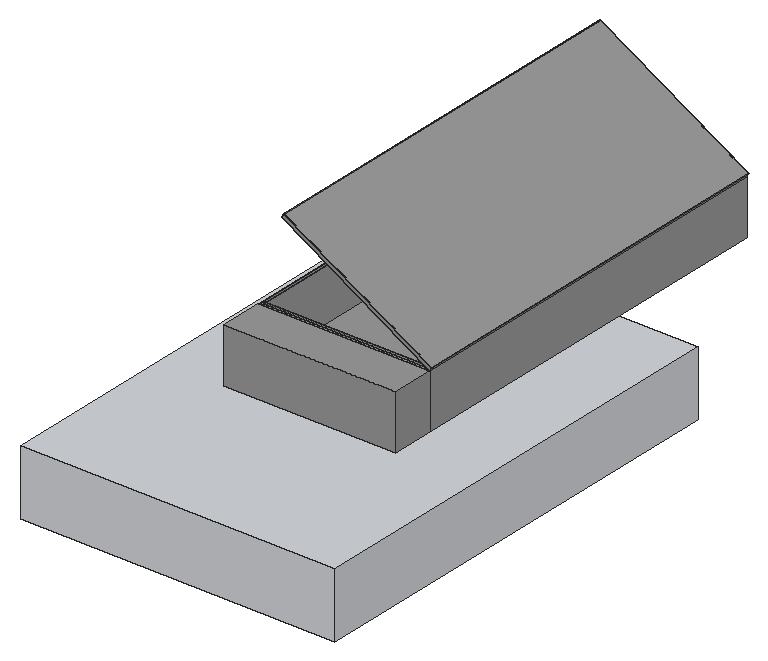
Revit family "Hager-Univers-IP55-D275-H2050-Cl.II-Steel_encl-NL-en", category Equipement électrique, Revit 2020
Family settings
  Hôte = Face
  Configuration du panneau = Deux colonnes, circuits au sein
  Cote de connecteur circulaire = Utiliser le diamètre
  Type d'élément = Tableau de raccordement
  Couper avec des vides une fois chargée = Non
  Partagée = Non
  Point de calcul de pièce = Non
Parameters (values of type "Floor installation IP55 W800 H2050 D275  - FR23S2")
  Width Control [instance] = if([EF000008 - Width] > Min Width, [EF000008 - Width], Min Width)  # 800 mm
  Commentaires du type = [HG000003 - Range]  # "Univers"
  Thickness Door [instance] = if([EF009171 - Material plate thickness door/cover] > 3 mm, 3 mm, [EF009171 - Material plate thickness door/cover])  # 1.5 mm
  Seal Frame Offset [instance] = 17 mm  # constant formula
  Plinth Visibility [instance] = [HG000027 - Plinth height] > 0 mm  # yes
  Model = ""
  Min Width [instance] = 100 mm  # constant formula
  Min Height [instance] = 100 mm  # constant formula
  Min Depth [instance] = (2 * [EF009170 - Material plate thickness cabinet]) + 1 mm  # 4 mm
  Internal Frame Depth [instance] = (Door System Depth * 0.5)  # 9 mm
  Height Control [instance] = if([EF000040 - Height] > Min Height, [EF000040 - Height], Min Height)  # 2050 mm
  HG000027 - Plinth height = 200 mm
  HG000026 - Floor standing = yes
  HG000024 - Bottom section height = 800 mm
  HG000023 - Double section enclosure = no
  HG000016 - Door 3d visibility [instance] = yes
  HG000015 - Clearance visibility [instance] = no
  HG000014 - Door on the right [instance] = yes
  HG000013 - Door on the left [instance] = not([HG000014 - Door on the right])  # no
  HG000012 - Door swing angle [instance] = 30.00°
  HG000010 - Asymmetric doors = no
  HG000009 - Double swing door = no
  HG000006 - Flush mounted = no
  HG000004 - Manufacturer reference = "FR23S2"
  HG000003 - Range = "Univers"
  HG000002 - With door or cover = yes
  Frame Offset Bottom [instance] = 10 mm  # constant formula
  Frame Offset [instance] = 15 mm  # constant formula
  EF015940 - Cover with overpressure release = no
  EF011959 - Degree of protection (NEMA) = ""
  EF009554 - Number of openings for flange plates = 6
  EF009212 - Cover model = "EV000116 - Closed"
  EF009171 - Material plate thickness door/cover = 1.5 mm
  EF009170 - Material plate thickness cabinet = 1.5 mm
  Fabricant = "Hager"  # constant formula
  EF008873 - Nominal current (In) = 800 A
  EF007800 - Suitable for lightning protection = no
  EF006306 - With lock = no
  EF006244 - Transparent cover/door = no
  EF005474 - Degree of protection (IP) = "EV006420 - IP55"
  EF004464 - Type of door = "EV002646 - Single"
  EF004427 - Number of modules = 432
  EF004293 - Impact strength = "EV008784 - IK10"
  EF003532 - Suitable for outdoor use = no
  EF002950 - Width in number of modular spacings = 24
  EF001613 - Circuit integrity = "EV000494 - None"
  EF001596 - Material housing = "EV000179 - Steel"
  EF001131 - Internal depth = 275 mm
  EF001088 - Extension possible = yes
  EF000437 - Number of conduit inlets = 6
  EF000339 - Type of cover = "EV004216 - Door"
  EF000266 - Number of rows = 12
  EF000218 - Built-in depth = 0 mm
  EF000118 - With mounting plate = no
  EF000116 - RAL-number = "7035"
  EF000049 - Depth = 275 mm
  EF000040 - Height = 2050 mm
  EF000008 - Width = 800 mm
  EF000007 - Colour = "EV000270 - Grey"
  EF000003 - Mounting method = "EV012274 - Floor installation"
  Door System Leaf Tolerance [instance] = 1.5 mm  # constant formula
  Door System Depth [instance] = 18 mm  # constant formula
  Door Height [instance] = Height Control - [HG000027 - Plinth height]  # 1850 mm
  Depth Control [instance] = if([EF000049 - Depth] > Min Depth, [EF000049 - Depth], Min Depth)  # 275 mm
  Default Elevation = 0 mm
  Connector Offset [instance] = Height Control / 2  # 1025 mm
  Bottom Top Plate Trim [instance] = 1.5 mm  # constant formula
  Plinth height Ctrl [instance] = if([HG000027 - Plinth height] > 0 mm, [HG000027 - Plinth height], 12 mm)  # 200 mm
Types (11, lengths in mm): name | Width Control | HG000010 - Asymmetric doors | HG000009 - Double swing door | HG000004 - Manufacturer reference | EF009554 - Number of openings for flange plates | EF006244 - Transparent cover/door | EF004464 - Type of door | EF004427 - Number of modules | EF000437 - Number of conduit inlets | EF000008 - Width
  Floor installation IP55 W1050 H2050 D275  - FR24L2 | 1050 | yes | yes | "FR24L2" | 8 | yes | "EV003602 - Double" | 576 | 8 | 1050
  Floor installation IP55 W1050 H2050 D275  - FR24S2 | 1050 | yes | yes | "FR24S2" | 8 | no | "EV003602 - Double" | 576 | 8 | 1050
  Floor installation IP55 W1300 H2050 D275  - FR25L2 | 1300 | yes | yes | "FR25L2" | 10 | yes | "EV003602 - Double" | 720 | 10 | 1300
  Floor installation IP55 W1300 H2050 D275  - FR25S2 | 1300 | yes | yes | "FR25S2" | 10 | no | "EV003602 - Double" | 720 | 10 | 1300
  Floor installation IP55 W1550 H2050 D275  - FR26L2 | 1550 | yes | yes | "FR26L2" | 12 | yes | "EV003602 - Double" | 864 | 12 | 1550
  Floor installation IP55 W1550 H2050 D275  - FR26S2 | 1550 | yes | yes | "FR26S2" | 12 | no | "EV003602 - Double" | 864 | 12 | 1550
  Floor installation IP55 W300 H2050 D275  - FR21S2 | 300 | no | no | "FR21S2" | 2 | no | "EV002646 - Single" | 144 | 2 | 300
  Floor installation IP55 W550 H2050 D275  - FR22L2 | 550 | no | no | "FR22L2" | 4 | yes | "EV002646 - Single" | 288 | 4 | 550
  Floor installation IP55 W550 H2050 D275  - FR22S2 | 550 | no | no | "FR22S2" | 4 | no | "EV002646 - Single" | 288 | 4 | 550
  Floor installation IP55 W800 H2050 D275  - FR23L2 | 800 | no | no | "FR23L2" | 6 | yes | "EV002646 - Single" | 432 | 6 | 800
  Floor installation IP55 W800 H2050 D275  - FR23S2 | 800 | no | no | "FR23S2" | 6 | no | "EV002646 - Single" | 432 | 6 | 800
Reference planes
  plane 1 "Center (Front/Back)": y = 0
  plane 2: z = 0
  plane 3 "Center (Left/Right)": x = 0
  plane 4: z = 275
  plane 5: y = 201.5
  plane 6: y = 1125
  plane 7: y = 200
  plane 8: y = 2050
  plane 9: z = 0
  plane 10: x = -385
  plane 11: x = 385
  plane 12: x = 383.5
  plane 13: x = -383.5
  plane 14: y = 2048.5
  plane 15: x = -383
  plane 16: x = -400
  plane 17: x = 383
  plane 18: x = 400
  plane 19: x = 398.5
  plane 20: x = -398.5
  plane 21: y = 211.5
  plane 22: y = 2050
  plane 23: y = 2033.5
  plane 24: z = 257
  plane 25: z = 1.5
  plane 26: z = 255.5
  plane 27: z = 273.5
Forms (mm)
  Extrusion 1, solid
    sketch origin (0, 0, 0) x (1, 0, 0) y (0, 1, 0)
      loop
        line (-702.964, 1305) -> (-702.964, -811.445) -> (766.763, -811.445) -> (766.763, 1305) -> (-702.964, 1305)
    from 0 to -304.8
  Extrusion 2, solid, material "Hager_Steel_RAL7035_Light_Grey", visible <- "Plinth Visibility", detail levels medium+fine
    sketch origin (0, 0, 0) x (1, 0, 0) y (0, 1, 0)
      loop
        line (-400, 0) -> (400, 0) -> (400, 200) -> (-400, 200) -> (-400, 0)
    from 0 to 257
  Extrusion 3, solid, material "Hager_Steel_RAL7035_Light_Grey", detail levels medium+fine
    sketch origin (0, 0, 0) x (1, 0, 0) y (0, 1, 0)
      loop
        line (-400, 200) -> (400, 200) -> (400, 2050) -> (-400, 2050) -> (-400, 200)
    from 0 to 257
  Extrusion 4, void
    sketch origin (0, 0, 0) x (1, 0, 0) y (0, 1, 0)
      loop
        line (-398.5, 201.5) -> (398.5, 201.5) -> (398.5, 2048.5) -> (-398.5, 2048.5) -> (-398.5, 201.5)
    from 1.5 to 255.5
  Extrusion 5, void
    sketch origin (-381.607, -4572, 257) x (0, -1, 0) y (-1, 0, 0)
      loop
        line (-4783.5, 1.893) -> (-6605.5, 1.893) -> (-6605.5, -765.107) -> (-4783.5, -765.107) -> (-4783.5, 1.893)
    from 0 to 1.5 <- "EF009170 - Material plate thickness cabinet"
  Extrusion 6, solid, material "Hager_Steel_RAL7035_Light_Grey", detail levels fine
    sketch origin (0, 0, 257) x (1, 0, 0) y (0, 1, 0)
      loop
        line (-383.5, 2033.5) -> (-383.5, 211.5) -> (383.5, 211.5) -> (383.5, 2033.5) -> (-383.5, 2033.5)
      loop
        line (-385, 210) -> (385, 210) -> (385, 2035) -> (-385, 2035) -> (-385, 210)
    from 0 to 9 <- "Internal Frame Depth"
  Extrusion 7, solid, material "Hager_Steel_RAL7035_Light_Grey", detail levels coarse
    sketch origin (0, 0, 0) x (1, 0, 0) y (0, 1, 0)
      loop
        line (-400, 0) -> (400, 0) -> (400, 2050) -> (-400, 2050) -> (-400, 0)
    from 0 to 275
  Sweep 8, void
    path in 3D
      loop
        line (-400, 200, 0) -> (400, 200, 0) -> (400, 200, 257) -> (-400, 200, 257) -> (-400, 200, 0)
    profile origin (-400, 200, 128.5) x (-1, 0, 0) y (0, -1, 0)
      loop
        line (0, 0) -> (0, 1.5) -> (-1.5, 1.5)
        arc (-1.5, 1.5) -> (-1.061, 0.439) -> (0, 0) r 1.5
Cuts and joins
  Extrusion 4, Extrusion 5 cuts Extrusion 3
  Sweep 8 cuts Extrusion 2
Lines and regions (mm)
  Masking region 1
    outline origin (0, 0, 0) x (1, 0, 0) y (0, 0, 1)
      loop
        line (-400, 275) -> (-400, 0) -> (400, 0) -> (400, 275) -> (-400, 275)
  Masking region 2, detail levels medium+fine
    outline origin (0, 140, 0) x (0, 1, 0) y (0, 0, 1)
      loop
        line (60, 0) -> (1910, 0) -> (1910, 257) -> (60, 257) -> (60, 0)
  Masking region 3, not visible, detail levels medium+fine
    outline origin (0, 297.922, 0) x (0, 1, 0) y (0, 0, 1)
      loop
        line (838.578, 0) -> (878.578, 0) -> (878.578, 263.5)
        arc (878.578, 263.5) -> (875.649, 270.571) -> (868.578, 273.5) r 10
        line (868.578, 273.5) -> (838.578, 273.5) -> (838.578, 0)
  Masking region 4, detail levels coarse
    outline origin (0, 0, 180) x (0, 1, 0) y (0, 0, 1)
      loop
        line (0, -180) -> (2050, -180) -> (2050, 95) -> (0, 95) -> (0, -180)
  Masking region 5, visible <- "Plinth Visibility", detail levels medium+fine
    outline origin (0, 52.24, 12.345) x (0, 0, -1) y (0, 1, 0)
      loop
        line (10.845, 147.76) -> (-243.155, 147.76)
        arc (-243.155, 147.76) -> (-243.594, 146.699) -> (-244.655, 146.26) r 1.5
        line (-244.655, 146.26) -> (-244.655, -52.24) -> (12.345, -52.24) -> (12.345, 146.26)
        arc (12.345, 146.26) -> (11.285, 146.699) -> (10.845, 147.76) r 1.5
  Masking region 6, detail levels medium+fine
    outline origin (-381.607, -4572, 257) x (-1, 0, 0) y (0, -1, 0)
      loop
        line (18.393, -6622) -> (18.393, -4772) -> (-781.607, -4772) -> (-781.607, -6622) -> (18.393, -6622)
  Masking region 7, visible <- "Plinth Visibility", detail levels medium+fine
    outline origin (-381.607, -4727, 257) x (-1, 0, 0) y (0, -1, 0)
      loop
        arc (16.893, -4927) -> (17.332, -4925.939) -> (18.393, -4925.5) r 1.5
        line (18.393, -4925.5) -> (18.393, -4727) -> (-781.607, -4727) -> (-781.607, -4925.5)
        arc (-781.607, -4925.5) -> (-780.546, -4925.939) -> (-780.107, -4927) r 1.5
        line (-780.107, -4927) -> (16.893, -4927)
  Masking region 8, detail levels coarse
    outline origin (-442.548, -4669.526, 257) x (-1, 0, 0) y (0, -1, 0)
      loop
        line (-42.548, -6719.526) -> (-42.548, -4669.526) -> (-842.548, -4669.526) -> (-842.548, -6719.526) -> (-42.548, -6719.526)
  sketch lines
    curve 1: line (-400, 200, 257) -> (-400, 200, 0)
    curve 2: line (400, 200, 257) -> (-400, 200, 257)
    curve 3: line (400, 200, 257) -> (400, 200, 0)
    curve 4: line (-400, 200, 0) -> (400, 200, 0)
Dimensions and locks
  "Depth Control": plane 4 to Extrusion 1
  "HG000027 - Plinth height": plane 1 "Center (Front/Back)" to plane 7
  "EF009170 - Material plate thickness cabinet": plane 5 to plane 7
  locked: connector elem to plane 3 "Center (Left/Right)"
  equal spacing: plane 8, plane 6, plane 7
  locked: connector elem to plane 6
  "EF009170 - Material plate thickness cabinet": plane 8 to plane 14
  "EF009170 - Material plate thickness cabinet": plane 10 to plane 13
  "EF009170 - Material plate thickness cabinet": plane 12 to plane 11
  "Frame Offset": plane 20 to plane 13
  "Frame Offset": plane 12 to plane 19
  "EF009170 - Material plate thickness cabinet": plane 16 to plane 20
  "EF009170 - Material plate thickness cabinet": plane 19 to plane 18
  "Seal Frame Offset": plane 16 to plane 15
  "Seal Frame Offset": plane 17 to plane 18
  "Frame Offset Bottom": plane 21 to plane 5
  "Frame Offset": plane 14 to plane 23
  equal spacing: plane 16, plane 3 "Center (Left/Right)", plane 18
  "Width Control": plane 16 to plane 18
  "EF009170 - Material plate thickness cabinet": plane 4 to plane 27
  "EF009170 - Material plate thickness cabinet": plane 24 to plane 26
  "EF009170 - Material plate thickness cabinet": plane 25 to level
  "Door System Depth": plane 4 to plane 24
  "Height Control": plane 1 "Center (Front/Back)" to Extrusion 7 sketch curve
  "Height Control": Masking region 4 sketch curve to plane 1 "Center (Front/Back)"
  "Height Control": plane 1 "Center (Front/Back)" to plane 22
  "Bottom Top Plate Trim": profile plane to Sweep 8 sketch curve
  "Bottom Top Plate Trim": Sweep 8 sketch curve to profile plane
  "Plinth height Ctrl": plane 1 "Center (Front/Back)" to Extrusion 2 sketch curve
  "Plinth height Ctrl": Masking region 5 sketch curve to plane 1 "Center (Front/Back)"
  "Plinth height Ctrl": plane 1 "Center (Front/Back)" to Masking region 7 sketch curve
  "Thickness Door": Extrusion 6 sketch curve to Extrusion 6 sketch curve  (x3)
  "Thickness Door": cut or joined group of Extrusion 3, Extrusion 4, Extrusion 5 to Extrusion 6 sketch curve
  radius of Masking region 3 sketch curve = 10 mm
  "Bottom Top Plate Trim": radius of Masking region 5 sketch curve  (x2)
  "Bottom Top Plate Trim": radius of Sweep 8 sketch curve
  "Bottom Top Plate Trim": radius of Masking region 7 sketch curve  (x2)
  aligned and locked: plane 2 to Extrusion 1
  aligned and locked: level to Extrusion 1
  aligned and locked: level to Masking region 1 sketch curve
  aligned and locked: Masking region 1 sketch curve to plane 18
  aligned and locked: Masking region 1 sketch curve to plane 16
  aligned and locked: plane 7 to Masking region 2 sketch curve
  aligned and locked: level to Masking region 3 sketch curve
  aligned and locked: Masking region 3 sketch curve to plane 27
  aligned and locked: level to Masking region 2 sketch curve
  aligned and locked: plane 1 "Center (Front/Back)" to Extrusion 2 sketch curve
  aligned and locked: Extrusion 3 sketch curve to plane 7
  aligned and locked: plane 16 to Extrusion 3 sketch curve
  aligned and locked: plane 18 to Extrusion 3 sketch curve
  aligned and locked: plane 20 to Extrusion 4 sketch curve
  aligned and locked: plane 19 to Extrusion 4 sketch curve
  aligned and locked: Extrusion 4 sketch curve to plane 5
  aligned and locked: Extrusion 4 to plane 25
  aligned and locked: plane 26 to Extrusion 4
  aligned and locked: plane 24 to Extrusion 3
  aligned and locked: Extrusion 5 sketch curve to plane 21
  aligned and locked: Extrusion 5 sketch curve to plane 13
  aligned and locked: Extrusion 5 sketch curve to plane 12
  aligned and locked: plane 18 to Extrusion 7 sketch curve
  aligned and locked: plane 1 "Center (Front/Back)" to Extrusion 7 sketch curve
  aligned and locked: plane 16 to Extrusion 7 sketch curve
  aligned and locked: plane 4 to Extrusion 7
  aligned and locked: Extrusion 7 to level
  aligned and locked: level to Masking region 4 sketch curve
  aligned and locked: Masking region 4 sketch curve to plane 1 "Center (Front/Back)"
  aligned and locked: Masking region 4 sketch curve to plane 4
  aligned and locked: nested 1 to level
  aligned and locked: nested 1 to plane 16
  aligned and locked: plane 8 to Extrusion 3 sketch curve
  aligned and locked: plane 23 to Extrusion 5 sketch curve
  aligned and locked: plane 14 to Extrusion 4 sketch curve
  aligned and locked: Masking region 2 sketch curve to plane 8
  aligned and locked: level to Masking region 5 sketch curve
  aligned and locked: plane 16 to Extrusion 2 sketch curve
  aligned and locked: plane 18 to Extrusion 2 sketch curve
  aligned and locked: Masking region 5 sketch curve to plane 24
  aligned and locked: Masking region 2 sketch curve to plane 24
  aligned and locked: plane 24 to Extrusion 2
  aligned and locked: profile plane to Sweep 8 sketch curve  (x2)
  aligned and locked: Masking region 6 sketch curve to plane 18
  aligned and locked: Masking region 6 sketch curve to plane 22
  aligned and locked: Masking region 6 sketch curve to plane 16
  aligned and locked: plane 8 to plane 22
  aligned and locked: Masking region 6 sketch curve to plane 7
  aligned and locked: Masking region 7 sketch curve to plane 16
  aligned and locked: Masking region 7 sketch curve to plane 1 "Center (Front/Back)"
  aligned and locked: Masking region 7 sketch curve to plane 18
  aligned and locked: Masking region 8 sketch curve to plane 1 "Center (Front/Back)"
  aligned and locked: Masking region 8 sketch curve to plane 18
  aligned and locked: Masking region 8 sketch curve to plane 22
  aligned and locked: Masking region 8 sketch curve to plane 16
  aligned and locked: nested 2 to plane 7
  aligned and locked: plane 3 "Center (Left/Right)" to nested 2
  aligned and locked: nested 2 to plane 24
  aligned and locked: Extrusion 6 sketch curve to cut or joined group of Extrusion 3, Extrusion 4, Extrusion 5  (x4)
Automatic sketch dimensions
  Extrusion 1 sketch curve to Extrusion 1 sketch curve = 1469.727 mm
  Extrusion 1 sketch curve to Extrusion 1 sketch curve = 2116.445 mm
  Masking region 1 sketch curve to plane 4 = 0 mm
  plane 6 to Masking region 3 sketch curve = 11.5 mm
  Masking region 3 sketch curve to Masking region 3 sketch curve = 30 mm
  Masking region 5 sketch curve to plane 1 "Center (Front/Back)" = 0 mm
Nested families
  nested 1: "Hager_Enclosure_Symbol" at (-400, 0, 0) x (1, 0, 0) z (0, -1, 0), Height <- "Depth Control", Width <- "Width Control", type "Hager_Enclosure_Symbol"
    with Width_Ctrl 800 mm, Width 800 mm, Height_Ctrl 275 mm, Height 275 mm, A_Width_Int 18.047 mm, A_Width 216.562 mm, A_Height_Ctrl 240.625 mm, A_Height 240.625 mm
  nested 2: "EC000058_Univers_Door" at (0, 200, 257) x (1, 0, 0) z (0, 1, 0), Leaf_Tolerance <- "Door System Leaf Tolerance", Angle <- "HG000012 - Door swing angle", Door_Depth <- "Door System Depth", Door_Left <- "HG000013 - Door on the left", Transparent <- "EF006244 - Transparent cover/door", Assymetrical <- "HG000010 - Asymmetric doors", Width <- "Width Control", Clearance <- "HG000015 - Clearance visibility", Double <- "HG000009 - Double swing door", 3d_Door <- "HG000016 - Door 3d visibility", Lock_Visibility <- "EF006306 - With lock", Width_Ctrl <- "Width Control", Door_Right <- "HG000014 - Door on the right", Door <- "HG000002 - With door or cover", Height <- "Door Height", Thickness <- "Thickness Door", type "EC000058_Univers_Door", detail levels medium+fine
    with min_wh 4 mm, Width_Ctrl 800 mm, Width 800 mm, Transparent no, Thickness 1.5 mm, Seal_Material Hager_Rubber, Lock_Visibility no, Lock_Material Hager_Plastic_RAL9005_Jet_Black, Leaf_Width 800 mm, Leaf_Tolerance_External_Sides 0 mm, Leaf_Tolerance 1.5 mm, Leaf_Offset 0 mm, Leaf_Height 1847 mm, Leaf_2_Width 800 mm, Leaf_2_Offset 400 mm, Leaf_1_Width 800 mm, Leaf_1_Offset 400 mm, Height_Ctrl 1850 mm, Height 1850 mm, Glass_Material Hager_Glass, Double_Clearance_Ctrl no, Double no, Door_Right_Ctrl yes, Door_Right yes, Door_Material Hager_Steel_RAL7035_Light_Grey, Door_Left_Ctrl no, Door_Left no, Door_Depth 18 mm, Door yes, Clearance_Material Hager_Clearance, Clearance_Depth 800 mm, Clearance_Ctrl no, Clearance no, Assymetrical no, Angle 30.00°, 3d_Door yes
Connectors
  electrical at (0, 1125, 0)
    settings: on plane 9, index 1, voltage 0 V, apparent load 0 VA, apparent load phase1 0 VA, apparent load phase2 0 VA, apparent load phase3 0 VA, power factor 1, load classification "Other", number of poles 1, system type 30, power factor state 1, is connector primary yes, connector utility no, sub classification motor no, connector description ""
Definition of nested family "EC000058_Univers_Door"
  Parameters (values of type "EC000058_Univers_Door")
    min_wh [instance] = (2 * Thickness) + 1 mm  # 11 mm
    Width_Ctrl [instance] = 400 mm
    Width [instance] = 500 mm
    Transparent [instance] = yes
    Thickness [instance] = 5 mm
    Seal_Material [instance] = none
    Lock_Visibility [instance] = yes
    Lock_Material [instance] = none
    Leaf_Width [instance] = if((Width_Ctrl - 2 * Leaf_Tolerance_External_Sides) > 0 mm, (Width_Ctrl - 2 * Leaf_Tolerance_External_Sides), min_wh)  # 400 mm
    Leaf_Tolerance_External_Sides [instance] = 0 mm  # constant formula
    Leaf_Tolerance [instance] = 1.5 mm
    Leaf_Offset [instance] = 0 mm  # constant formula
    Leaf_Height [instance] = if((Height_Ctrl - 2 * Leaf_Tolerance) > 0 mm, (Height_Ctrl - 2 * Leaf_Tolerance), min_wh)  # 497 mm
    Leaf_2_Width [instance] = if(and(and(Double, Assymetrical), Door_Left), (Leaf_Width / 3) - (Leaf_Tolerance / 2), if(and(and(Double, Assymetrical), Door_Right), (Leaf_Width / 3) * 2 - (Leaf_Tolerance / 2), if(and(Double, not(Assymetrical)), (Leaf_Width / 2) - Leaf_Tolerance, Leaf_Width)))  # 400 mm
    Leaf_2_Offset [instance] = if(and(Double, Assymetrical), Leaf_2_Width / 2, if(and(Double, not(Assymetrical)), Leaf_Width / 4, Leaf_Width / 2))  # 200 mm
    Leaf_1_Width [instance] = if(and(and(Double, Assymetrical), Door_Right), (Leaf_Width / 3) - (Leaf_Tolerance / 2), if(and(and(Double, Assymetrical), Door_Left), (Width / 3) * 2 - (Leaf_Tolerance / 2), if(and(Double, not(Assymetrical)), (Leaf_Width / 2) - Leaf_Tolerance, Leaf_Width)))  # 400 mm
    Leaf_1_Offset [instance] = if(and(Double, Assymetrical), Leaf_1_Width / 2, if(and(Double, not(Assymetrical)), Leaf_Width / 4, Leaf_Width / 2))  # 200 mm
    Height_Ctrl [instance] = if(Height > min_wh, Height, min_wh)  # 500 mm
    Height [instance] = 500 mm
    Glass_Material [instance] = none
    Double_Clearance_Ctrl [instance] = and(Double, Clearance)  # no
    Double [instance] = no
    Door_Right_Ctrl [instance] = and(or(Door_Right, Double), Door)  # yes
    Door_Right [instance] = yes
    Door_Material [instance] = none
    Door_Left_Ctrl [instance] = and(or(Door_Left, Double), Door)  # no
    Door_Left [instance] = no
    Door_Depth [instance] = 30 mm
    Door [instance] = yes
    Default Elevation = 1219.2 mm
    Clearance_Material [instance] = none
    Clearance_Depth [instance] = if(Leaf_1_Width > Leaf_2_Width, Leaf_1_Width, Leaf_2_Width)  # 400 mm
    Clearance_Ctrl [instance] = and(not(Double), Clearance)  # yes
    Clearance [instance] = yes
    Assymetrical [instance] = yes
    Angle [instance] = 30.00°
    3d_Door [instance] = yes
  Reference planes
    plane 1 "Center (Front/Back)": y = 0
    plane 2 "Bottom": z = 0
    plane 3 "Center (Left/Right)": x = 0
    plane 4: z = 500
    plane 5: x = -200
    plane 6: x = 200
    plane 7: z = 500
    plane 8: x = -200
    plane 9: z = 0
    plane 10: x = 200
    plane 11: y = 0
    plane 12: z = 1.5
    plane 13: x = -600
    plane 14: y = -400
    plane 15: x = 600
    plane 16: x = 0
    plane 17: x = 0
    plane 18: x = -200
    plane 19: x = 200
    plane 20: z = 498.5
  Forms (mm)
    Extrusion 1, solid, material <- "Clearance_Material", visible <- "Double_Clearance_Ctrl"
      sketch origin (1200, 0, 0) x (1, 0, 0) y (0, 0, -1)
        loop
          line (-1800, -498.5) -> (-600, -498.5) -> (-600, 0) -> (-1800, 0) -> (-1800, -498.5)
      from 0 to -400
  Dimensions and locks
    equal spacing: plane 5, plane 3 "Center (Left/Right)", plane 6
    "Width_Ctrl": plane 5 to plane 6
    "Leaf_Offset": plane 5 to plane 8
    "Leaf_Offset": plane 6 to plane 10
    "Leaf_Offset": plane 9 to level
    "Leaf_Offset": plane 4 to plane 7
    "Height_Ctrl": plane 4 to level
    "Leaf_Tolerance": plane 12 to plane 9
    locked: plane 11 to plane 1 "Center (Front/Back)"
    "Leaf_1_Offset": plane 18 to plane 16
    "Leaf_2_Offset": plane 17 to plane 19
    "Leaf_1_Width": plane 13 to plane 8
    "Leaf_2_Width": plane 10 to plane 15
    "Clearance_Depth": plane 14 to plane 1 "Center (Front/Back)"
    "Leaf_Tolerance_External_Sides": plane 8 to plane 18
    "Leaf_Tolerance_External_Sides": plane 19 to plane 10
    "Leaf_Tolerance": plane 7 to plane 20
    aligned and locked: level to plane 2 "Bottom"
    aligned and locked: nested 1 to plane 16
    aligned and locked: nested 2 to plane 17
    aligned and locked: Extrusion 1 to plane 13
    aligned and locked: plane 15 to Extrusion 1
    aligned and locked: Extrusion 1 to plane 14
    aligned and locked: plane 12 to nested 1
    aligned and locked: nested 2 to plane 12
    aligned and locked: Extrusion 1 to plane 11
    aligned and locked: plane 20 to Extrusion 1
    aligned and locked: nested 2 to plane 11
    aligned and locked: nested 1 to plane 11
  Automatic sketch dimensions
    Extrusion 1 sketch curve to level = 0 mm
    plane 5 to Extrusion 1 sketch curve = 400 mm
    plane 6 to Extrusion 1 sketch curve = 400 mm
    Extrusion 1 sketch curve to plane 4 = 1.5 mm
  Nested families
    nested 1: "EC000058_Univers_Door_Leaf" at (0, 0, 1.5), Width <- "Leaf_1_Width", visible <- "Door_Left_Ctrl", Leaf_Height <- "Leaf_Height", Angle <- "Angle", 3d_Door <- "3d_Door", Transparent <- "Transparent", Clearance Material <- "Clearance_Material", Clearance <- "Clearance_Ctrl", Door_Material <- "Door_Material", Glass_Material <- "Glass_Material", Door_Depth <- "Door_Depth", Lock_Material <- "Lock_Material", Seal_Material <- "Seal_Material", Lock_Visibility <- "Lock_Visibility", Thickness <- "Thickness", type "EC000058_Univers_Door_Leaf"
      with Width 400 mm, Transparent_Glass_Offset 30 mm, Transparent_Ctrl yes, Transparent yes, Thickness 5 mm, Standard no, Seal_Material none, Seal_D2 8 mm, Seal_D1 1 mm, Offset_Internal_Frame 10 mm, Lock_Width 20 mm, Lock_Visibility_3d yes, Lock_Visibility yes, Lock_Thickness_3 3 mm, Lock_Thickness_2 1 mm, Lock_Thickness_1 3 mm, Lock_Radius_Offset_2 16 mm, Lock_Radius_Offset_1 15 mm, Lock_Radius_2 5 mm, Lock_Radius 6 mm, Lock_Offset 5 mm, Lock_Material none, Lock_Height 80 mm, Lock_Cover_Top_Offset_2d 17 mm, Lock_Cover_Height -65 mm, Leaf_Height 497 mm, Internal_Seal_Thickness 8 mm, Internal_Seal_Depth_2 4.5 mm, Internal_Frame_Depth 25 mm, Glass_Thickness -1 mm, Glass_Offset -2 mm, Glass_Material none, Door_Material none, Door_Depth 30 mm, Clearance Material none, Clearance yes, Angle_Ctrl 30.00°, Angle 30.00°, 3d_Door yes
    nested 2: "EC000058_Univers_Door_Leaf" at (0, 0, 1.5) x (-1, 0, 0) z (0, 0, 1), Width <- "Leaf_2_Width", visible <- "Door_Right_Ctrl", Leaf_Height <- "Leaf_Height", Angle <- "Angle", 3d_Door <- "3d_Door", Transparent <- "Transparent", Clearance Material <- "Clearance_Material", Clearance <- "Clearance_Ctrl", Door_Material <- "Door_Material", Glass_Material <- "Glass_Material", Door_Depth <- "Door_Depth", Lock_Material <- "Lock_Material", Seal_Material <- "Seal_Material", Lock_Visibility <- "Lock_Visibility", Thickness <- "Thickness", type "EC000058_Univers_Door_Leaf"
      with Width 400 mm, Transparent_Glass_Offset 30 mm, Transparent_Ctrl yes, Transparent yes, Thickness 5 mm, Standard no, Seal_Material none, Seal_D2 8 mm, Seal_D1 1 mm, Offset_Internal_Frame 10 mm, Lock_Width 20 mm, Lock_Visibility_3d yes, Lock_Visibility yes, Lock_Thickness_3 3 mm, Lock_Thickness_2 1 mm, Lock_Thickness_1 3 mm, Lock_Radius_Offset_2 16 mm, Lock_Radius_Offset_1 15 mm, Lock_Radius_2 5 mm, Lock_Radius 6 mm, Lock_Offset 5 mm, Lock_Material none, Lock_Height 80 mm, Lock_Cover_Top_Offset_2d 17 mm, Lock_Cover_Height -65 mm, Leaf_Height 497 mm, Internal_Seal_Thickness 8 mm, Internal_Seal_Depth_2 4.5 mm, Internal_Frame_Depth 25 mm, Glass_Thickness -1 mm, Glass_Offset -2 mm, Glass_Material none, Door_Material none, Door_Depth 30 mm, Clearance Material none, Clearance yes, Angle_Ctrl 30.00°, Angle 30.00°, 3d_Door yes
  Definition of nested family "EC000058_Univers_Door_Leaf"
    Parameters (values of type "EC000058_Univers_Door_Leaf")
      Width [instance] = 2000 mm
      Transparent_Glass_Offset [instance] = 30 mm
      Transparent_Ctrl [instance] = and(Transparent, [3d_Door])  # yes
      Transparent [instance] = yes
      Thickness [instance] = 5 mm
      Standard [instance] = and(not(Transparent), [3d_Door])  # no
      Seal_Material [instance] = none
      Seal_D2 [instance] = 8 mm  # constant formula
      Seal_D1 [instance] = 1 mm  # constant formula
      Offset_Internal_Frame [instance] = 10 mm  # constant formula
      Lock_Width [instance] = 20 mm  # constant formula
      Lock_Visibility_3d [instance] = and(Lock_Visibility, [3d_Door])  # yes
      Lock_Visibility [instance] = yes
      Lock_Thickness_3 [instance] = 3 mm  # constant formula
      Lock_Thickness_2 [instance] = 1 mm  # constant formula
      Lock_Thickness_1 [instance] = 3 mm  # constant formula
      Lock_Radius_Offset_2 [instance] = Lock_Radius_Offset_1 + 1 mm  # 16 mm
      Lock_Radius_Offset_1 [instance] = 15 mm  # constant formula
      Lock_Radius_2 [instance] = Lock_Radius - 1 mm  # 5 mm
      Lock_Radius [instance] = 6 mm  # constant formula
      Lock_Offset [instance] = 5 mm  # constant formula
      Lock_Material [instance] = none
      Lock_Height [instance] = 80 mm  # constant formula
      Lock_Cover_Top_Offset_2d [instance] = Lock_Radius_Offset_2 + 1 mm  # 17 mm
      Lock_Cover_Height [instance] = -(Lock_Height - Lock_Radius_Offset_1)  # -65 mm
      Leaf_Height [instance] = 2720.336 mm
      Internal_Seal_Thickness [instance] = 8 mm  # constant formula
      Internal_Seal_Depth_2 [instance] = 4.5 mm  # constant formula
      Internal_Frame_Depth [instance] = if(Door_Depth - Thickness > 5 mm, Door_Depth - Thickness, 5 mm)  # 25 mm
      Glass_Thickness [instance] = if(Thickness > 15 mm, Glass_Offset + 10 mm, -1 mm)  # -1 mm
      Glass_Offset [instance] = if(Thickness > 15 mm, -(Thickness + 10 mm) / 2, -2 mm)  # -2 mm
      Glass_Material [instance] = none
      Door_Material [instance] = none
      Door_Depth [instance] = 30 mm
      Default Elevation = 0 mm
      Clearance Material [instance] = none
      Clearance [instance] = yes
      Angle_Ctrl [instance] = if(Angle > 180.00°, 180.00°, Angle)  # 90.00°
      Angle [instance] = 90.00°
      3d_Door [instance] = yes
    Reference planes
      plane 1 "Center (Front/Back)": y = 0
      plane 2: z = 0
      plane 3 "Center (Left/Right)": x = 0
      plane 4: y = 2000
      plane 5: x = -1000
      plane 6: x = 1000
      plane 7: x = -3000
      plane 8: z = 2720.336
      plane 9: z = 30
      plane 10: z = 2690.336
      plane 11: x = 970
      plane 12: x = -970
      plane 13: y = -3
      plane 14: z = 107.833
      plane 15: y = -5
      plane 16: y = -223.314
      plane 17: x = -1000
      plane 18: z = 1360.168
      plane 19: y = 30
    Forms (mm)
      Extrusion 1, solid, material <- "Clearance Material", visible <- "Clearance"
        sketch origin (0, 0, 0) x (1, 0, 0) y (0, 0, 1)
          loop
            line (-3000, 2720.336) -> (-3000, 0) -> (1000, 0) -> (1000, 2720.336) -> (-3000, 2720.336)
        from 0 to -2000
      Extrusion 2, solid, material <- "Door_Material", visible <- "Standard", detail levels medium+fine
        sketch origin (-1000, 0, 0) x (0, 1, 0) y (-1, 0, 0)
          loop
            line (0, 30) -> (0, 25) -> (2000, 25) -> (2000, 30) -> (0, 30)
        from 0 to 2720.336 <- "Leaf_Height"
      Extrusion 3, solid, material <- "Door_Material", visible <- "Transparent_Ctrl", detail levels medium+fine
        sketch origin (-1000, 0, 0) x (0, 1, 0) y (-1, 0, 0)
          loop
            line (0, 25) -> (2000, 25) -> (2000, 30) -> (0, 30) -> (0, 25)
        from 0 to 2720.336 <- "Leaf_Height"
      Extrusion 4, void
        sketch origin (-1025, 2000, 0) x (0, 1, 0) y (0, 0, -1)
          loop
            line (-30, -2690.336) -> (-30, -30) -> (-1970, -30) -> (-1970, -2690.336) -> (-30, -2690.336)
        from 0 to 5 <- "Thickness"
      Sweep 5, solid, material <- "Seal_Material", visible <- "Transparent_Ctrl", detail levels fine
        path in 3D
          loop
            line (-1025, 30, 30) -> (-1025, 30, 2690.336) -> (-1025, 1970, 2690.336) -> (-1025, 1970, 30) -> (-1025, 30, 30)
        profile origin (-1025, 1000, 30) x (1, 0, 0) y (0, 0, 1)
          loop
            line (0, 0) -> (0, -8) -> (1, -8) -> (1, 0) -> (0, 0)
      Extrusion 6, solid, material <- "Glass_Material", visible <- "Transparent_Ctrl", detail levels medium+fine
        sketch origin (-1030, 0, 0) x (0, 1, 0) y (0, 0, -1)
          loop
            line (1970, -2690.336) -> (1970, -30) -> (30, -30) -> (30, -2690.336) -> (1970, -2690.336)
        from -2 <- "Glass_Offset" to -1 <- "Glass_Thickness"
      Extrusion 7, solid, material <- "Door_Material", visible <- "3d_Door", detail levels medium+fine
        sketch origin (-1025, 2000, 0) x (0, -1, 0) y (0, 0, -1)
          loop
            line (0, -2720.336) -> (2000, -2720.336) -> (2000, 0) -> (0, 0) -> (0, -2720.336)
          loop
            line (1995, -5) -> (5, -5) -> (5, -2715.336) -> (1995, -2715.336) -> (1995, -5)
        from 0 to 25 <- "Internal_Frame_Depth"
      Sweep 8, solid, material <- "Seal_Material", visible <- "Transparent_Ctrl", detail levels fine
        path in 3D
          loop
            line (-1025, 0, 0) -> (-1025, 2000, 0) -> (-1025, 2000, 2720.336) -> (-1025, 0, 2720.336) -> (-1025, 0, 0)
        profile origin (-1025, 0, 1360.168) x (1, 0, 0) y (0, 1, 0)
          loop
            line (0, 10) -> (2.975, 10)
            arc (2.975, 10) -> (4.053, 10.447) -> (4.5, 11.525) r 1.525
            line (4.5, 11.525) -> (4.5, 16.527)
            arc (4.5, 16.527) -> (4.069, 17.569) -> (3.027, 18) r 1.473
            line (3.027, 18) -> (0, 18) -> (0, 10)
      Extrusion 9, solid, material <- "Lock_Material", visible <- "Lock_Visibility_3d", detail levels fine
        sketch origin (-1030, 0, 0) x (0, 1, 0) y (0, 0, -1)
          loop
            arc (1993.5, -1400.168) -> (1994.561, -1399.729) -> (1995, -1398.668) r 1.5
            line (1995, -1398.668) -> (1995, -1320.168) -> (1975, -1320.168) -> (1975, -1398.668)
            arc (1975, -1398.668) -> (1975.439, -1399.729) -> (1976.5, -1400.168) r 1.5
            line (1976.5, -1400.168) -> (1993.5, -1400.168)
        from 3 <- "Lock_Thickness_1" to 0
      Blend 10, solid, material <- "Lock_Material", visible <- "Lock_Visibility_3d", detail levels fine
        base sketch origin (-1033, 0, 0) x (0, 1, 0) y (0, 0, -1)
          loop
            line (1975, -1320.168) -> (1975, -1398.668)
            arc (1975, -1398.668) -> (1975.439, -1399.729) -> (1976.5, -1400.168) r 1.5
            line (1976.5, -1400.168) -> (1993.5, -1400.168)
            arc (1993.5, -1400.168) -> (1994.561, -1399.729) -> (1995, -1398.668) r 1.5
            line (1995, -1398.668) -> (1995, -1320.168) -> (1975, -1320.168)
        top sketch origin (-1033, 0, 0) x (0, 1, 0) y (0, 0, -1)
          loop
            line (1976, -1320.168) -> (1976, -1398.668)
            arc (1976, -1398.668) -> (1976.146, -1399.022) -> (1976.5, -1399.168) r 0.5
            line (1976.5, -1399.168) -> (1993.5, -1399.168)
            arc (1993.5, -1399.168) -> (1993.854, -1399.022) -> (1994, -1398.668) r 0.5
            line (1994, -1398.668) -> (1994, -1320.168) -> (1976, -1320.168)
        from 0 to 1 <- "Lock_Thickness_2"
      Blend 11, solid, material <- "Lock_Material", visible <- "Lock_Visibility_3d", detail levels fine
        base sketch origin (-1034, 0, 0) x (0, 1, 0) y (0, 0, -1)
          loop
            line (1978, -1320.168) -> (1978, -1384.168)
            arc (1978, -1384.168) -> (1985, -1391.168) -> (1992, -1384.168) r 7
            line (1992, -1384.168) -> (1992, -1320.168) -> (1978, -1320.168)
        top sketch origin (-1034, 0, 0) x (0, 1, 0) y (0, 0, -1)
          loop
            line (1991, -1320.168) -> (1979, -1320.168) -> (1979, -1383.168)
            arc (1979, -1383.168) -> (1985, -1389.168) -> (1991, -1383.168) r 6
            line (1991, -1383.168) -> (1991, -1320.168)
        from 0 to 3 <- "Lock_Thickness_3"
      Extrusion 12, solid, material <- "Lock_Material", visible <- "Lock_Visibility_3d", detail levels fine
        sketch origin (-1030, 1975, 1320.168) x (1, 0, 0) y (0, -1, 0)
          loop
            line (-7, -19) -> (-7, -1) -> (0, -1) -> (0, 0) -> (-8, 0) -> (-8, -20) -> (0, -20) -> (0, -19) -> (-7, -19)
        from 0 to -65 <- "Lock_Cover_Height"
      Extrusion 13, void
        sketch origin (-1038, 1995, 1320.168) x (-1, 0, 0) y (0, 0, -1)
          loop
            line (-5, -65) -> (0, -65) -> (-5, -60) -> (-5, -65)
        from 0 to 20 <- "Lock_Width"
      Extrusion 14, void
        sketch origin (-1038, 1975, 1320.168) x (0, -1, 0) y (0, 0, -1)
          loop
            circle (-10, -15.995) r 6
          loop
            circle (-10, -15.995) r 5
        from 0 to 2
      Extrusion 15, solid, material <- "Lock_Material", visible <- "Lock_Visibility_3d", detail levels medium
        sketch origin (-1030, 0, 0) x (0, 1, 0) y (0, 0, -1)
          loop
            arc (1993.5, -1400.168) -> (1994.561, -1399.729) -> (1995, -1398.668) r 1.5
            line (1995, -1398.668) -> (1995, -1320.168) -> (1975, -1320.168) -> (1975, -1398.668)
            arc (1975, -1398.668) -> (1975.439, -1399.729) -> (1976.5, -1400.168) r 1.5
            line (1976.5, -1400.168) -> (1993.5, -1400.168)
        from 8 to 0
    Cuts and joins
      Extrusion 4 cuts Extrusion 3
      Extrusion 13, Extrusion 14 cuts Extrusion 9
      Extrusion 14 cuts Blend 11
      Extrusion 13, Extrusion 14 cuts Extrusion 12
      joined: Extrusion 9, Blend 10, Blend 11, Extrusion 12
      Extrusion 14 cuts Extrusion 15
    Lines and regions (mm)
      Masking region 1, visible <- "Lock_Visibility", detail levels fine
        outline origin (0, 0, 0) x (0, 1, 0) y (0, 0, 1)
          loop
            line (30, 1320.168) -> (33, 1320.168) -> (33, 1400.168) -> (30, 1400.168) -> (30, 1320.168)
      Masking region 2, visible <- "Lock_Visibility", detail levels fine
        outline origin (0, 3.143, 0) x (0, 1, 0) y (0, 0, 1)
          loop
            line (29.857, 1354.168) -> (30.857, 1354.168) -> (30.857, 1366.168) -> (29.857, 1366.168) -> (29.857, 1354.168)
      Masking region 3, detail levels medium+fine
        outline origin (0, 0, 0) x (0, 1, 0) y (0, 0, 1)
          loop
            line (0, 0) -> (30, 0) -> (30, 2720.336) -> (0, 2720.336) -> (0, 0)
      Masking region 4, detail levels medium+fine
        outline origin (0, 0, 0) x (1, 0, 0) y (0, 0, 1)
          loop
            line (-1000, 2720.336) -> (-1000, 0) -> (1000, 0) -> (1000, 2720.336) -> (-1000, 2720.336)
      Masking region 5, visible <- "Lock_Visibility", detail levels fine
        outline origin (-47.116, 0, 0) x (1, 0, 0) y (0, 0, 1)
          loop
            arc (1024.616, 1399.168) -> (1023.556, 1398.729) -> (1023.116, 1397.668) r 1.5
            line (1023.116, 1397.668) -> (1023.116, 1320.168) -> (1041.116, 1320.168) -> (1041.116, 1397.668)
            arc (1041.116, 1397.668) -> (1040.677, 1398.729) -> (1039.616, 1399.168) r 1.5
            line (1039.616, 1399.168) -> (1024.616, 1399.168)
      Masking region 6, visible <- "Lock_Visibility", detail levels medium+fine
        outline origin (-25, 0, 0) x (1, 0, 0) y (0, 0, 1)
          loop
            arc (1001.5, 1400.168) -> (1000.439, 1399.729) -> (1000, 1398.668) r 1.5
            line (1000, 1398.668) -> (1000, 1320.168) -> (1020, 1320.168) -> (1020, 1398.668)
            arc (1020, 1398.668) -> (1019.561, 1399.729) -> (1018.5, 1400.168) r 1.5
            line (1018.5, 1400.168) -> (1001.5, 1400.168)
      Masking region 7, visible <- "Lock_Visibility", detail levels fine
        outline origin (-73.735, 0, 0) x (1, 0, 0) y (0, 0, 1)
          loop
            line (1051.735, 1382.168) -> (1065.735, 1382.168) -> (1065.735, 1384.168)
            arc (1065.735, 1384.168) -> (1058.735, 1391.168) -> (1051.735, 1384.168) r 7
            line (1051.735, 1384.168) -> (1051.735, 1382.168)
      Masking region 8, visible <- "Lock_Visibility", detail levels fine
        outline origin (-73.735, 0, 0) x (1, 0, 0) y (0, 0, 1)
          loop
            line (1052.735, 1382.168) -> (1064.735, 1382.168) -> (1064.735, 1383.168)
            arc (1064.735, 1383.168) -> (1058.735, 1389.168) -> (1052.735, 1383.168) r 6
            line (1052.735, 1383.168) -> (1052.735, 1382.168)
      Masking region 9, visible <- "Lock_Visibility", detail levels fine
        outline origin (-25, 0, 0) x (1, 0, 0) y (0, 0, 1)
          loop
            line (1020, 1320.168) -> (1020, 1382.168) -> (1000, 1382.168) -> (1000, 1320.168) -> (1020, 1320.168)
      Masking region 10, detail levels medium+fine
        outline origin (0, 0, 0) x (1, 0, 0) y (0, 0, 1)
          loop
            circle (985, 1335.144) r 6
      Masking region 11, detail levels fine
        outline origin (0, 0, 0) x (1, 0, 0) y (0, 0, 1)
          loop
            circle (985, 1335.144) r 5
      Masking region 12, visible <- "Lock_Visibility", detail levels fine
        outline origin (0, 12.767, 0) x (0, 1, 0) y (0, 0, 1)
          loop
            line (20.233, 1320.168) -> (21.233, 1320.168) -> (21.233, 1399.168) -> (20.233, 1400.168) -> (20.233, 1320.168)
      Masking region 13, visible <- "Lock_Visibility", detail levels fine
        outline origin (0, 13.767, -10) x (0, 1, 0) y (0, 0, 1)
          loop
            line (20.233, 1330.168) -> (23.233, 1330.168) -> (23.233, 1399.168) -> (20.233, 1402.168) -> (20.233, 1330.168)
      Masking region 14, visible <- "Lock_Visibility", detail levels fine
        outline origin (0, 12.767, -10) x (0, 1, 0) y (0, 0, 1)
          loop
            line (20.233, 1330.168) -> (25.233, 1330.168) -> (25.233, 1399.305) -> (20.233, 1394.305) -> (20.233, 1330.168)
      Masking region 15, visible <- "Lock_Visibility", detail levels medium
        outline origin (0, 0, 0) x (0, 1, 0) y (0, 0, 1)
          loop
            line (30, 1320.168) -> (38, 1320.168) -> (38, 1400.168) -> (30, 1400.168) -> (30, 1320.168)
      Masking region 16, visible <- "Lock_Visibility", detail levels fine
        outline origin (-1000, 0, 0) x (0, 1, 0) y (-1, 0, 0)
          loop
            line (1975, 30) -> (1995, 30) -> (1995, 38) -> (1975, 38) -> (1975, 30)
          loop
            line (1979, 37) -> (1976, 37) -> (1976, 34) -> (1978, 34) -> (1979, 37)
          loop
            line (1994, 37) -> (1991, 37) -> (1992, 34) -> (1994, 34) -> (1994, 37)
      Masking region 17, visible <- "Lock_Visibility", detail levels medium
        outline origin (-1000, 0, 0) x (0, 1, 0) y (-1, 0, 0)
          loop
            line (1975, 30) -> (1995, 30) -> (1995, 38) -> (1975, 38) -> (1975, 30)
      symbolic lines
        curve 1: line (1000, 0, 0) -> (-3000, 0, 0)
        curve 2: arc (1000, 0, 0) -> (-1000, 2000, 0) -> (-3000, 0, 0) r 2000
        curve 4: line (-1030, 0, 0) -> (-1030, 2000, 0)
      reference lines
        curve 3: line (-1000, 0, 0) -> (-1000, 2000, 0)
      symbolic lines, detail levels medium+fine
        curve 5: line (-1030, 2000, 0) -> (-1025, 2000, 0)
        curve 7: line (-1025, 0, 0) -> (-1030, 0, 0)
        curve 8: line (-1025, 0, 0) -> (-1000, 0, 0)
        curve 9: line (-1000, 0, 0) -> (-1000, 2000, 0)
        curve 10: line (-1000, 2000, 0) -> (-1025, 2000, 0)
      symbolic lines, detail levels fine
        curve 6: line (-1025, 2000, 0) -> (-1025, 0, 0)
      sketch lines
        curve 11: line (-1025, 0, 2720.336) -> (-1025, 0, 0)
        curve 12: line (-1025, 2000, 0) -> (-1025, 0, 0)
        curve 13: line (-1025, 2000, 2720.336) -> (-1025, 2000, 0)
        curve 14: line (-1025, 0, 2720.336) -> (-1025, 2000, 2720.336)
        curve 15: line (-1025, 1970, 30) -> (-1025, 30, 30)
        curve 16: line (-1025, 30, 30) -> (-1025, 30, 2690.336)
        curve 17: line (-1025, 1970, 2690.336) -> (-1025, 1970, 30)
        curve 18: line (-1025, 30, 2690.336) -> (-1025, 1970, 2690.336)
      symbolic lines, visible <- "Transparent", detail levels medium+fine
        curve 19: line (-970, 0, 2690.336) -> (970, 0, 2690.336)
        curve 20: line (-970, 0, 30) -> (-970, 0, 2690.336)
        curve 21: line (970, 0, 30) -> (-970, 0, 30)
        curve 22: line (970, 0, 2690.336) -> (970, 0, 30)
    Dimensions and locks
      "Width": plane 1 "Center (Front/Back)" to plane 4
      equal spacing: plane 5, plane 3 "Center (Left/Right)", plane 6
      "Width": plane 5 to plane 6
      "Width": plane 7 to plane 5
      "Leaf_Height": plane 8 to level
      "Width": curve 5 to curve 3
      "Width": curve 3 to curve 3
      plane 8 to plane 10 = 30 mm
      plane 9 to level = 30 mm
      plane 12 to plane 5 = 30 mm
      plane 6 to plane 11 = 30 mm
      Extrusion 1 to Extrusion 4 sketch curve = 30 mm
      "Transparent_Glass_Offset": curve 3 to Extrusion 4 sketch curve
      "Transparent_Glass_Offset": Extrusion 4 sketch curve to cut or joined group of Extrusion 3, Extrusion 4  (x2)
      cut or joined group of Extrusion 3, Extrusion 4 to Extrusion 6 sketch curve = 30 mm
      "Transparent_Glass_Offset": cut or joined group of Extrusion 3, Extrusion 4 to Extrusion 4 sketch curve
      "Thickness": curve 6 to curve 4
      "Thickness": Extrusion 7 sketch curve to Extrusion 7 sketch curve  (x4)
      "Door_Depth": curve 4 to curve 3
      "Offset_Internal_Frame": profile plane to Sweep 8 sketch curve
      "Internal_Seal_Thickness": Sweep 8 sketch curve to Sweep 8 sketch curve
      "Internal_Seal_Depth_2": profile plane to Sweep 8 sketch curve
      "Seal_D1": profile plane to Sweep 5 sketch curve
      "Seal_D2": profile plane to Sweep 5 sketch curve
      "Thickness": Extrusion 2 sketch curve to Extrusion 2 sketch curve
      equal spacing: Extrusion 9 sketch curve, plane 18, Extrusion 9 sketch curve  (x2)
      equal spacing: Masking region 1 sketch curve, plane 18, Masking region 1 sketch curve
      "Lock_Height": Masking region 1 sketch curve to Masking region 1 sketch curve
      "Lock_Radius": Masking region 2 sketch curve to plane 18 to Masking region 2 sketch curve
      Masking region 2 sketch curve to Masking region 1 = 1 mm
      "Door_Depth": plane 19 to plane 1 "Center (Front/Back)"
      "Lock_Thickness_1": Masking region 1 sketch curve to plane 19
      "Lock_Width": Extrusion 9 sketch curve to Extrusion 9 sketch curve
      "Lock_Height": Extrusion 9 sketch curve to Extrusion 9 sketch curve
      "Lock_Offset": cut or joined group of Extrusion 3, Extrusion 4 to Extrusion 9 sketch curve
      equal spacing: plane 8, plane 18, level
      "Lock_Radius_Offset_1": Blend 11 sketch curve to Blend 10
      locked: Blend 10 to Blend 11 sketch curve at 2  (x2)
      locked: var sketch to Blend 11 sketch curve at 1  (x2)
      "Lock_Radius_Offset_2": Blend 11 sketch curve to Blend 10
      locked: Extrusion 12 sketch curve to Extrusion 12 sketch curve at 1  (x3)
      Masking region 6 sketch curve to Masking region 6 sketch curve = 80 mm
      "Lock_Height": Masking region 6 sketch curve to Masking region 6 sketch curve
      "Lock_Width": Masking region 6 sketch curve to Masking region 6 sketch curve
      locked: Masking region 6 to Masking region 5 sketch curve at 1  (x3)
      locked: Masking region 5 to Masking region 7 sketch curve at 2  (x2)
      "Lock_Radius_Offset_1": Masking region 5 to Masking region 7 sketch curve
      "Lock_Radius_Offset_2": Masking region 5 to Masking region 8 sketch curve
      locked: Masking region 7 to Masking region 8 sketch curve at 1  (x2)
      "Lock_Cover_Top_Offset_2d": Masking region 5 to Masking region 9 sketch curve
      equal spacing: Masking region 9, Masking region 10 sketch curve, Masking region 9
      equal spacing: Masking region 9, Masking region 11 sketch curve, Masking region 9
      Extrusion 15 sketch curve to Extrusion 15 sketch curve = 80 mm
      "Lock_Width": Extrusion 15 sketch curve to Extrusion 15 sketch curve
      "Lock_Height": Extrusion 15 sketch curve to Extrusion 15 sketch curve
      equal spacing: Extrusion 15 sketch curve, plane 18, Extrusion 15 sketch curve
      "Lock_Thickness_3": Masking region 13 sketch curve to Masking region 13 sketch curve
      "Lock_Height": Masking region 12 sketch curve to Masking region 12 sketch curve
      locked: Masking region 13 sketch curve to Masking region 1 at 8
      locked: Masking region 14 sketch curve to Masking region 13 at 1
      locked: Masking region 14 sketch curve to Masking region 1 at 10.863
      "Lock_Height": Masking region 15 sketch curve to Masking region 15 sketch curve
      "Lock_Offset": Extrusion 15 sketch curve to cut or joined group of Extrusion 3, Extrusion 4
      "Lock_Offset": plane 6 to Masking region 6 sketch curve
      radius of Sweep 8 sketch curve = 1.525 mm
      radius of Sweep 8 sketch curve = 1.473 mm
      radius of Extrusion 9 sketch curve = 1.5 mm  (x2)
      "Lock_Radius": radius of Extrusion 14 sketch curve
      "Lock_Radius_2": radius of Extrusion 14 sketch curve
      "Lock_Radius": radius of Masking region 10 sketch curve
      "Lock_Radius_2": radius of Masking region 11 sketch curve
      radius of Extrusion 15 sketch curve = 1.5 mm  (x2)
      "Angle_Ctrl": angle plane 1 "Center (Front/Back)" to curve 3
      locked: Masking region 12 sketch curve to Masking region 12 sketch curve (angle 45.00°)
      locked: Masking region 13 sketch curve to Masking region 13 sketch curve (angle 45.00°)
      locked: Masking region 14 sketch curve to Masking region 14 sketch curve (angle 45.00°)
      aligned and locked: level to plane 2
      aligned and locked: Extrusion 1 to curve 1
      aligned and locked: plane 6 to Extrusion 1
      aligned and locked: Extrusion 1 to plane 1 "Center (Front/Back)"
      aligned and locked: plane 4 to Extrusion 1
      aligned and locked: plane 8 to Extrusion 1
      aligned and locked: curve 7 to Extrusion 2 sketch curve
      aligned and locked: curve 5 to Extrusion 2 sketch curve
      aligned and locked: curve 7 to Extrusion 3 sketch curve
      aligned and locked: Extrusion 3 sketch curve to curve 4
      aligned and locked: Extrusion 3 sketch curve to curve 6
      aligned and locked: Extrusion 3 sketch curve to curve 5
      aligned and locked: curve 9 to curve 3
      aligned and locked: Extrusion 7 sketch curve to cut or joined group of Extrusion 3, Extrusion 4  (x4)
      aligned and locked: plane 17 to curve 3
      aligned and locked: plane 1 "Center (Front/Back)" to curve 3
      aligned and locked: plane 17 to plane 5
      aligned and locked: Sweep 8 sketch curve to profile plane
      aligned and locked: Sweep 5 sketch curve to profile plane  (x2)
      aligned and locked: Masking region 1 to Masking region 2 sketch curve
      aligned and locked: plane 19 to Masking region 1 sketch curve
      aligned and locked: plane 1 "Center (Front/Back)" to Masking region 3 sketch curve
      aligned and locked: plane 19 to Masking region 3 sketch curve
      aligned and locked: level to Masking region 3 sketch curve
      aligned and locked: Masking region 3 sketch curve to plane 8
      aligned and locked: plane 17 to Masking region 4 sketch curve
      aligned and locked: level to Masking region 4 sketch curve
      aligned and locked: Masking region 4 sketch curve to plane 8
      aligned and locked: plane 12 to curve 20
      aligned and locked: plane 10 to curve 19
      aligned and locked: plane 11 to curve 22
      aligned and locked: curve 21 to plane 9
      aligned and locked: Extrusion 2 sketch curve to cut or joined group of Extrusion 3, Extrusion 4
      aligned and locked: Blend 10 sketch curve to Extrusion 9  (x4)
      aligned and locked: Extrusion 9 to Blend 10 sketch curve
      aligned and locked: Blend 10 to Blend 11 sketch curve
      aligned and locked: Extrusion 12 sketch curve to Blend 11
      aligned and locked: Extrusion 12 sketch curve to Extrusion 9  (x4)
      aligned and locked: Masking region 5 sketch curve to Masking region 6
      aligned and locked: Masking region 9 sketch curve to Masking region 6  (x3)
      aligned and locked: Masking region 12 sketch curve to Masking region 1
      aligned and locked: Masking region 13 sketch curve to Masking region 1
      aligned and locked: Masking region 12 to Masking region 14
      aligned and locked: Masking region 14 sketch curve to Masking region 1
      aligned and locked: Masking region 15 sketch curve to Masking region 14
      aligned and locked: Masking region 13 sketch curve to Masking region 12
      aligned and locked: Masking region 16 sketch curve to cut or joined group of Extrusion 14, Extrusion 15  (x4)
      aligned and locked: Masking region 16 sketch curve to cut or joined group of Extrusion 9, Blend 10, Blend 11, Extrusion 12, Extrusion 13, Extrusion 14  (x6)
      aligned and locked: cut or joined group of Extrusion 9, Blend 10, Blend 11, Extrusion 12, Extrusion 13, Extrusion 14 to Masking region 16 sketch curve
      aligned and locked: Masking region 17 sketch curve to cut or joined group of Extrusion 14, Extrusion 15  (x3)
      aligned and locked: Masking region 17 sketch curve to cut or joined group of Extrusion 9, Blend 10, Blend 11, Extrusion 12, Extrusion 13, Extrusion 14
      aligned and locked: Masking region 9 to Masking region 8 sketch curve
      aligned and locked: Masking region 9 to Masking region 7 sketch curve
    Automatic sketch dimensions
      plane 1 "Center (Front/Back)" to curve 2 = 0 mm
      curve 2 to plane 5 = 0 mm
      Extrusion 1 sketch curve to level = 0 mm
      Extrusion 1 sketch curve to plane 7 = 0 mm
      Extrusion 1 sketch curve to plane 6 = 0 mm
      Extrusion 1 sketch curve to plane 8 = 0 mm
      Extrusion 3 to Extrusion 6 sketch curve = 30 mm  (x4)
      Masking region 4 sketch curve to plane 6 = 0 mm
      Blend 10 sketch curve to Extrusion 9 = 1.5 mm
      Blend 10 sketch curve to Extrusion 9 = 1 mm
      Extrusion 13 sketch curve to Extrusion 12 = 0 mm  (x2)
      Extrusion 12 to Extrusion 13 sketch curve = 3 mm
      Extrusion 13 sketch curve to Extrusion 12 = 5 mm
      Extrusion 14 sketch curve to Extrusion 14 sketch curve = 0 mm  (x2)
      Extrusion 14 sketch curve to Extrusion 12 = 10 mm
      Extrusion 14 sketch curve to Extrusion 12 = 15.995 mm
      Masking region 5 sketch curve to Masking region 5 sketch curve = 1.5 mm  (x2)
      Masking region 10 sketch curve to plane 18 = 25.024 mm
      Masking region 11 sketch curve to plane 18 = 25.024 mm
      plane 19 to Masking region 14 sketch curve = 3 mm
      Masking region 16 sketch curve to Masking region 16 sketch curve = 3 mm
      curve 4 to curve 3 = 0 mm
      Blend 10 to Blend 11 sketch curve = 0 mm
      Masking region 6 sketch curve to Masking region 6 sketch curve = 1.5 mm  (x2)
      Masking region 6 sketch curve to plane 18 = 40 mm
      plane 19 to Masking region 12 sketch curve = 3 mm
      Masking region 12 sketch curve to Masking region 12 sketch curve = 1 mm
      Masking region 15 sketch curve to plane 19 = 0 mm
      Masking region 15 sketch curve to plane 18 = 40 mm
      radius of Blend 10 sketch curve to Extrusion 9 = 1 mm
Definition of nested family "Hager_Enclosure_Symbol"
  Parameters (values of type "Hager_Enclosure_Symbol")
    Width_Ctrl [instance] = if(Width > 1 mm, Width, 1 mm)  # 102.27 mm
    Width [instance] = 102.27 mm
    Height_Ctrl [instance] = if(Height > 1 mm, Height, 1 mm)  # 66.5 mm
    A_Width_Int [instance] = if(A_Width / 12 > 2 mm, A_Width / 12, 2 mm)  # 4.364 mm
    A_Width [instance] = if(A_Height_Ctrl * 0.9 > 2 mm, A_Height_Ctrl * 0.9, 2 mm)  # 52.369 mm
    A_Height_Ctrl [instance] = if(A_Height > 2 mm, A_Height, 2 mm)  # 58.188 mm
    Height [instance] = 66.5 mm
    A_Height [instance] = Height - (Height / 8)  # 58.188 mm
  Reference planes
    plane 1 "Centre (avant/arrière)": y = 0
    plane 2: z = 0
    plane 3 "Centre (gauche/droite)": x = 0
    plane 4: x = 52.369
    plane 5: y = 33.042
    plane 6: y = 41.77
    plane 7: y = 66.5
    plane 8: x = 26.184
    plane 9: y = 37.406
    plane 10: x = 102.27
    plane 11: y = 66.5
    plane 12: y = 8.313
  Lines and regions (mm)
    Filled region 1, type "Solid_Black", in view "Niveau de réf."
      outline origin (0, 0, 0) x (1, 0, 0) y (0, 1, 0)
        loop
          line (52.369, 66.5) -> (33.188, 54.536) -> (45.365, 45.006) -> (52.369, 66.5)
    Filled region 2, type "Solid_Black", in view "Niveau de réf."
      outline origin (0, 0, 0) x (1, 0, 0) y (0, 1, 0)
        loop
          line (0, 0) -> (102.27, 0) -> (102.27, 66.5) -> (0, 0)
    detail lines, in view "Niveau de réf."
      curve 1: line (0, 8.313, 0) -> (26.184, 41.77, 0)
      curve 2: line (26.184, 41.77, 0) -> (26.184, 33.042, 0)
      curve 3: line (26.184, 33.042, 0) -> (52.369, 66.5, 0)
  Dimensions and locks
    "A_Width": plane 3 "Centre (gauche/droite)" to plane 4
    equal spacing: plane 3 "Centre (gauche/droite)", plane 8, plane 4
    equal spacing: plane 6, plane 9, plane 5
    equal spacing: curve 3, Filled region 1 sketch curve, Filled region 1 sketch curve
    "Height_Ctrl": plane 1 "Centre (avant/arrière)" to plane 11
    "A_Height_Ctrl": plane 11 to plane 12
    equal spacing: plane 11, plane 9, plane 12
    "A_Width_Int": plane 6 to plane 9
    "Width_Ctrl": plane 3 "Centre (gauche/droite)" to plane 10
    angle Filled region 1 sketch curve to curve 3 = 20.00°
    angle curve 3 to Filled region 1 sketch curve = 20.00°
    locked: curve 3 to Filled region 1 sketch curve (angle 90.00°)
    aligned and locked: plane 10 to Filled region 2
    aligned and locked: plane 11 to Filled region 2 sketch curve
    aligned and locked: plane 10 to Filled region 2 sketch curve
    aligned and locked: plane 3 "Centre (gauche/droite)" to curve 1
    aligned and locked: plane 12 to curve 1
    aligned and locked: plane 7 to plane 11
  Automatic sketch dimensions
    Filled region 1 sketch curve to plane 4 = 0 mm
    Filled region 1 sketch curve to plane 7 = 0 mm
    plane 1 "Centre (avant/arrière)" to Filled region 2 sketch curve = 0 mm
    Filled region 2 sketch curve to plane 3 "Centre (gauche/droite)" = 0 mm
    curve 2 to plane 6 = 0 mm
    curve 2 to plane 8 = 0 mm
    curve 3 to plane 4 = 0 mm
    curve 2 to plane 5 = 0 mm
    curve 3 to plane 7 = 0 mm
